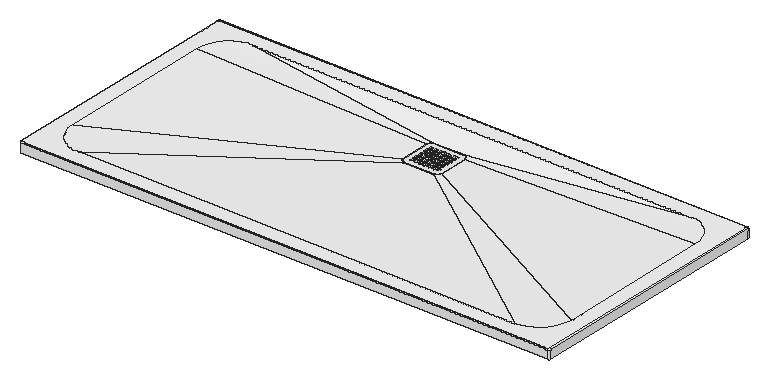
Revit family "IS_UltraFlatS_K8284_BIM_DE", category Plumbing Fixtures, host Face, Revit 2016
Family settings
  Host = Face
  Part Type = Normal
  Round Connector Dimension = Use Diameter
  OmniClass Number = 23.45.05.14.21.11
  OmniClass Title = Bath/Shower Units
  Cut with Voids When Loaded = No
  Shared = No
  Room Calculation Point = No
Parameters (values of type "K8284FR - ULTRAFLAT S PD 170X80 BIANCO")
  WarrantyStartDate = "n/a"
  WarrantyGuarantorParts = "n/a"
  WarrantyGuarantorLabor = "n/a"
  WarrantyDurationUnit = "n/a"
  WarrantyDurationParts = "n/a"
  WarrantyDurationLabor = "n/a"
  WarrantyDescription = "n/a"
  WFU = 0
  VolumeUnits = "Litres"
  Version = "1"
  Uniclass2015Version = "Products v1.1"
  Uniclass2015Title = "Shower trays"
  Uniclass2015Code = "Pr_40_20_06_84"
  URL = "www.idealstandard.de"
  Type Comments = "n/a"
  TagNumber = "n/a"
  SustainabilityPerformance = "n/a"
  Space = "Internal"
  Size = "1700 x 700 x 30 mm"
  Shape = "Rectangular"
  SerialNumber = "n/a"
  ReplacementCost = "n/a"
  ProductInformation = "www.idealstandard.de"
  PredefinedType = "n/a"
  Phone = "+49228 5210"
  NominalWidth = 1700 mm
  NominalLength = 800 mm
  NominalHeight = 30 mm
  NominalDepth = 0 mm
  Name = "ISI_IdealStandard_Showers_Ultra Flat S_K8284FR"
  ModelReference = "IS Rechteck-BRW ULTRA FLAT S,Abl.mittig, 1700x800x30mm, Carraraweiß"
  ModelNumber = "K8284FR"
  Model = "K8284FR"
  Material = "Sanitary Brass"
  ManufacturerURL = "www.idealstandard.de"
  Manufacturer = "idealstandard.de@idealstandard.com"
  MainMaterial = IS_RenderMaterial_White
  LinearUnits = "millimeters"
  Keynote = ""
  InstallationInstructions = "www.idealstandard.de\\produkte"
  InstallationDate = "1900-12-31T23:59:59"
  Help = "idealstandard.de@idealstandard.com"
  HWFU = 0
  GrossWeight = "49,3 kg"
  Grade = "n/a"
  Finish = "Pure White"
  Features = "ULTRA FLAT S rectangular shower tray 1700x800mm"
  ExpectedLife = "25"
  DurationUnit = "year"
  DistributedBy = "n/a"
  Description = "Ultraflat S Pd 170 x 80 Bianco"
  Default Elevation = 0 mm
  CurrencyUnit = "€"
  CreatedOn = "42774"
  Cost = 0
  Constituents = "n/a"
  ConnectionType = "Plumbing"
  Color = "Pure White"
  CodePerformance = "0"
  CWFU = 0
  Brand = "Ideal Standard"
  BarCode = "4015413067782"
  BIMObjectName = "ISI_IdealStandard_Showers_Ultra Flat S_K8284FR"
  Author = "Ideal Standard"
  AssetType = "Fixed"
  AssetIdentifier = "n/a"
  Assembly Code = "C1030200"
  AreaUnits = "millimeters"
  AreaMeasurement = "n/a"
  Accessories = "www.idealstandard.de\\ersatzteile"
  AccessibilityPerformance = "n/a"
Types (5, lengths in mm): name | Size | Name | ModelReference | ModelNumber | Model | MainMaterial | Finish | Description | Color | BarCode | BIMObjectName
  K8284FR - ULTRAFLAT S PD 170X80 BIANCO | "1700 x 700 x 30 mm" | "ISI_IdealStandard_Showers_Ultra Flat S_K8284FR" | "IS Rechteck-BRW ULTRA FLAT S,Abl.mittig, 1700x800x30mm, Carraraweiß" | "K8284FR" | "K8284FR" | IS_RenderMaterial_White | "Pure White" | "Ultraflat S Pd 170 x 80 Bianco" | "Pure White" | "4015413067782" | "ISI_IdealStandard_Showers_Ultra Flat S_K8284FR"
  K8284FV - ULTRAFLAT S PD 170X80 NERO | "1700 x 800 x 30 mm" | "ISI_IdealStandard_Showers_Ultra Flat S_K8284FV" | "IS Rechteck-BRW ULTRA FLAT S,Abl.mittig, 1700x800x30mm, Schiefer" | "K8284FV" | "K8284FV" | IS_RenderMaterial_Black | "Jet Black" | "Ultraflat S Pd 170 x 80 Nero" | "Jet Black" | "4015413071901" | "ISI_IdealStandard_Showers_Ultra Flat S_K8284FV"
  K8284FS - ULTRAFLAT S PD 170X80 GRIGIO CEMENTO | "1700 x 800 x 30 mm" | "ISI_IdealStandard_Showers_Ultra Flat S_K8284FS" | "IS Rechteck-BRW ULTRA FLAT S,Abl.mittig, 1700x800x30mm, Quarzgrau" | "K8284FS" | "K8284FS" | IS_RenderMaterial_Grey | "Concrete Grey" | "Ultraflat S Pd 170 x 80 Grigio Cemento" | "Concrete Grey" | "4015413070744" | "ISI_IdealStandard_Showers_Ultra Flat S_K8284FS"
  K8284FT - ULTRAFLAT S PD 170X80 SABBIA | "1700 x 800 x 30 mm" | "ISI_IdealStandard_Showers_Ultra Flat S_K8284FT" | "IS Rechteck-BRW ULTRA FLAT S,Abl.mittig, 1700x800x30mm, Sandstein" | "K8284FT" | "K8284FT" | IS_RenderMaterial_Sand | "Beach Sand" | "Ultraflat S Pd 170 x 80 Sabbia" | "Beach Sand" | "4015413071192" | "ISI_IdealStandard_Showers_Ultra Flat S_K8284FT"
  K8284FU - ULTRAFLAT S PD 170X80 MOKA | "1700 x 800 x 30 mm" | "ISI_IdealStandard_Showers_Ultra Flat S_K8284FU" | "IS Rechteck-BRW ULTRA FLAT S,Abl.mittig, 1700x800x30mm, Lavabraun" | "K8284FU" | "K8284FU" | IS_RenderMaterial_Moka | "Deep Moka" | "Ultraflat S Pd 170 x 80 Moka" | "Deep Moka" | "4015413071543" | "ISI_IdealStandard_Showers_Ultra Flat S_K8284FU"
Reference planes
  plane 1 "Center (Front/Back)": y = 0
  plane 2: z = 0
  plane 3 "Center (Left/Right)": x = 0
  plane 4: x = -850
  plane 5: x = 850
  plane 6: y = -800
  plane 7: y = -750
  plane 8: z = 30
Forms (mm)
  Extrusion 1, solid, material "IS_RenderMaterial_White" <- "MainMaterial"
    sketch origin (0, 0, 0) x (1, 0, 0) y (0, 1, 0)
      loop
        arc (-845, 0) -> (-848.536, -1.464) -> (-850, -5) r 5
        line (-850, -5) -> (-850, -795)
        arc (-850, -795) -> (-848.536, -798.536) -> (-845, -800) r 5
        line (-845, -800) -> (845, -800)
        arc (845, -800) -> (848.536, -798.536) -> (850, -795) r 5
        line (850, -795) -> (850, -5)
        arc (850, -5) -> (848.536, -1.464) -> (845, 0) r 5
        line (845, 0) -> (-845, 0)
    from 0 to 30
  Blend 2, void
    base sketch origin (0, 39.744, 30) x (-1, 0, 0) y (0, -1, 0)
      loop
        arc (700, 89.744) -> (770.711, 119.033) -> (800, 189.744) r 100
        line (800, 189.744) -> (800, 689.744)
        arc (800, 689.744) -> (770.711, 760.454) -> (700, 789.744) r 100
        line (700, 789.744) -> (-700, 789.744)
        arc (-700, 789.744) -> (-770.711, 760.454) -> (-800, 689.744) r 100
        line (-800, 689.744) -> (-800, 189.744)
        arc (-800, 189.744) -> (-770.711, 119.033) -> (-700, 89.744) r 100
        line (-700, 89.744) -> (700, 89.744)
    top sketch origin (0, 39.744, 30) x (-1, 0, 0) y (0, -1, 0)
      loop
        arc (47.5, 177.244) -> (58.107, 181.637) -> (62.5, 192.244) r 15
        line (62.5, 192.244) -> (62.5, 287.244)
        arc (62.5, 287.244) -> (58.107, 297.85) -> (47.5, 302.244) r 15
        line (47.5, 302.244) -> (-47.5, 302.244)
        arc (-47.5, 302.244) -> (-58.107, 297.85) -> (-62.5, 287.244) r 15
        line (-62.5, 287.244) -> (-62.5, 192.244)
        arc (-62.5, 192.244) -> (-58.107, 181.637) -> (-47.5, 177.244) r 15
        line (-47.5, 177.244) -> (47.5, 177.244)
    from 0 to -15
  Revolve 3, void
    sketch origin (-65.411, -200, 1219.2) x (-1, 0, 0) y (0, 0, 1)
      loop
        line (-65.411, -1219.2) -> (-20.411, -1219.2) -> (-20.411, -1214.2) -> (-13.411, -1207.2) -> (-65.411, -1207.2) -> (-65.411, -1219.2)
      axis (-65.411, -1219.2) -> (-65.411, -1207.2)
    angle from 0 to 360
  Extrusion 4, void
    sketch origin (0, -134.515, 12) x (-1, 0, 0) y (0, 1, 0)
      loop
        arc (-47.5, -2.985) -> (-58.107, -7.379) -> (-62.5, -17.985) r 15
        line (-62.5, -17.985) -> (-62.5, -112.985)
        arc (-62.5, -112.985) -> (-58.107, -123.592) -> (-47.5, -127.985) r 15
        line (-47.5, -127.985) -> (47.5, -127.985)
        arc (47.5, -127.985) -> (58.107, -123.592) -> (62.5, -112.985) r 15
        line (62.5, -112.985) -> (62.5, -17.985)
        arc (62.5, -17.985) -> (58.107, -7.379) -> (47.5, -2.985) r 15
        line (47.5, -2.985) -> (-47.5, -2.985)
    from 0 to -3
  Extrusion 5, solid, material "Chrome - Polished"
    sketch origin (0, -134.515, 12) x (0, 1, 0) y (-1, 0, 0)
      loop
        arc (-4.985, 46.539) -> (-9.074, 56.411) -> (-18.946, 60.5) r 13.961
        line (-18.946, 60.5) -> (-111.985, 60.5)
        arc (-111.985, 60.5) -> (-121.885, 56.399) -> (-125.985, 46.5) r 14
        line (-125.985, 46.5) -> (-125.985, -46.5)
        arc (-125.985, -46.5) -> (-121.885, -56.399) -> (-111.985, -60.5) r 14
        line (-111.985, -60.5) -> (-18.985, -60.5)
        arc (-18.985, -60.5) -> (-9.086, -56.399) -> (-4.985, -46.5) r 14
        line (-4.985, -46.5) -> (-4.985, 46.539)
      loop
        line (-64.007, 45) -> (-64.007, 32) -> (-52.007, 32) -> (-52.007, 45) -> (-64.007, 45)
      loop
        line (-49.007, 45) -> (-49.007, 32) -> (-37.007, 32) -> (-37.007, 45) -> (-49.007, 45)
      loop
        line (-34.007, 45) -> (-34.007, 32) -> (-22.007, 32) -> (-22.007, 45) -> (-34.007, 45)
      loop
        line (-34.007, 29) -> (-34.007, 16) -> (-22.007, 16) -> (-22.007, 29) -> (-34.007, 29)
      loop
        line (-34.007, 13) -> (-34.007, 1.526) -> (-22.007, 1.526) -> (-22.007, 13) -> (-34.007, 13)
      loop
        line (-37.007, 29) -> (-49.007, 29) -> (-49.007, 16) -> (-37.007, 16) -> (-37.007, 29)
      loop
        line (-37.007, 13) -> (-49.007, 13) -> (-49.007, 1.526) -> (-37.007, 1.526) -> (-37.007, 13)
      loop
        line (-52.007, 29) -> (-64.007, 29) -> (-64.007, 16) -> (-52.007, 16) -> (-52.007, 29)
      loop
        line (-52.007, 13) -> (-64.007, 13) -> (-64.007, 1.526) -> (-52.007, 1.526) -> (-52.007, 13)
      loop
        line (-64.007, -45) -> (-52.007, -45) -> (-52.007, -32) -> (-64.007, -32) -> (-64.007, -45)
      loop
        line (-49.007, -45) -> (-37.007, -45) -> (-37.007, -32) -> (-49.007, -32) -> (-49.007, -45)
      loop
        line (-34.007, -45) -> (-22.007, -45) -> (-22.007, -32) -> (-34.007, -32) -> (-34.007, -45)
      loop
        line (-34.007, -29) -> (-22.007, -29) -> (-22.007, -16) -> (-34.007, -16) -> (-34.007, -29)
      loop
        line (-34.007, -13) -> (-22.007, -13) -> (-22.007, -1.526) -> (-34.007, -1.526) -> (-34.007, -13)
      loop
        line (-37.007, -29) -> (-37.007, -16) -> (-49.007, -16) -> (-49.007, -29) -> (-37.007, -29)
      loop
        line (-37.007, -13) -> (-37.007, -1.526) -> (-49.007, -1.526) -> (-49.007, -13) -> (-37.007, -13)
      loop
        line (-52.007, -29) -> (-52.007, -16) -> (-64.007, -16) -> (-64.007, -29) -> (-52.007, -29)
      loop
        line (-52.007, -13) -> (-52.007, -1.526) -> (-64.007, -1.526) -> (-64.007, -13) -> (-52.007, -13)
      loop
        line (-66.963, 45) -> (-78.963, 45) -> (-78.963, 32) -> (-66.963, 32) -> (-66.963, 45)
      loop
        line (-81.963, 45) -> (-93.963, 45) -> (-93.963, 32) -> (-81.963, 32) -> (-81.963, 45)
      loop
        line (-96.963, 45) -> (-108.963, 45) -> (-108.963, 32) -> (-96.963, 32) -> (-96.963, 45)
      loop
        line (-96.963, 29) -> (-108.963, 29) -> (-108.963, 16) -> (-96.963, 16) -> (-96.963, 29)
      loop
        line (-96.963, 13) -> (-108.963, 13) -> (-108.963, 1.526) -> (-96.963, 1.526) -> (-96.963, 13)
      loop
        line (-93.963, 29) -> (-93.963, 16) -> (-81.963, 16) -> (-81.963, 29) -> (-93.963, 29)
      loop
        line (-93.963, 13) -> (-93.963, 1.526) -> (-81.963, 1.526) -> (-81.963, 13) -> (-93.963, 13)
      loop
        line (-78.963, 29) -> (-78.963, 16) -> (-66.963, 16) -> (-66.963, 29) -> (-78.963, 29)
      loop
        line (-78.963, 13) -> (-78.963, 1.526) -> (-66.963, 1.526) -> (-66.963, 13) -> (-78.963, 13)
      loop
        line (-66.963, -45) -> (-66.963, -32) -> (-78.963, -32) -> (-78.963, -45) -> (-66.963, -45)
      loop
        line (-81.963, -45) -> (-81.963, -32) -> (-93.963, -32) -> (-93.963, -45) -> (-81.963, -45)
      loop
        line (-96.963, -45) -> (-96.963, -32) -> (-108.963, -32) -> (-108.963, -45) -> (-96.963, -45)
      loop
        line (-96.963, -29) -> (-96.963, -16) -> (-108.963, -16) -> (-108.963, -29) -> (-96.963, -29)
      loop
        line (-96.963, -13) -> (-96.963, -1.526) -> (-108.963, -1.526) -> (-108.963, -13) -> (-96.963, -13)
      loop
        line (-93.963, -29) -> (-81.963, -29) -> (-81.963, -16) -> (-93.963, -16) -> (-93.963, -29)
      loop
        line (-93.963, -13) -> (-81.963, -13) -> (-81.963, -1.526) -> (-93.963, -1.526) -> (-93.963, -13)
      loop
        line (-78.963, -29) -> (-66.963, -29) -> (-66.963, -16) -> (-78.963, -16) -> (-78.963, -29)
      loop
        line (-78.963, -13) -> (-66.963, -13) -> (-66.963, -1.526) -> (-78.963, -1.526) -> (-78.963, -13)
    from 0 to 3
  Sweep 6, void
    path in 3D
      loop
        arc (845, -800, 30) -> (848.536, -798.536, 30) -> (850, -795, 30) r 5
        line (850, -795, 30) -> (850, -5, 30)
        arc (850, -5, 30) -> (848.536, -1.464, 30) -> (845, 0, 30) r 5
        line (845, 0, 30) -> (-845, 0, 30)
        arc (-845, 0, 30) -> (-848.536, -1.464, 30) -> (-850, -5, 30) r 5
        line (-850, -5, 30) -> (-850, -795, 30)
        arc (-850, -795, 30) -> (-848.536, -798.536, 30) -> (-845, -800, 30) r 5
        line (-845, -800, 30) -> (845, -800, 30)
    profile origin (0, -800, 30) x (0, 1, 0) y (0, 0, 1)
      loop
        line (0, 0) -> (0, -3)
        arc (0, -3) -> (0.879, -0.879) -> (3, 0) r 3
        line (3, 0) -> (0, 0)
Cuts and joins
  Blend 2, Revolve 3, Extrusion 4, Sweep 6 cuts Extrusion 1
  Blend 2 cuts Extrusion 5
Lines and regions (mm)
  sketch lines
    curve 1: line (-845, -800, 30) -> (845, -800, 30)
    curve 2: arc (850, -795, 30) -> (848.536, -798.536, 30) -> (845, -800, 30) r 5
    curve 3: line (850, -795, 30) -> (850, -5, 30)
    curve 4: arc (845, 0, 30) -> (848.536, -1.464, 30) -> (850, -5, 30) r 5
    curve 5: line (845, 0, 30) -> (-845, 0, 30)
    curve 6: arc (-850, -5, 30) -> (-848.536, -1.464, 30) -> (-845, 0, 30) r 5
    curve 7: line (-850, -5, 30) -> (-850, -795, 30)
    curve 8: arc (-845, -800, 30) -> (-848.536, -798.536, 30) -> (-850, -795, 30) r 5
Dimensions and locks
  "NominalWidth": plane 4 to plane 5
  "NominalLength": plane 6 to plane 1 "Center (Front/Back)"
  "NominalHeight": level to plane 8
  aligned and locked: plane 2 to host face
  aligned and locked: level to host face
  aligned and locked: plane 6 to Extrusion 1
Automatic sketch dimensions
  host sketch curve to host sketch curve = 2438.4 mm
  host sketch curve to host sketch curve = 1698.7 mm
  Extrusion 1 sketch curve to plane 4 = 0 mm
  plane 6 to Extrusion 1 sketch curve = 0 mm
  plane 1 "Center (Front/Back)" to Extrusion 1 sketch curve = 0 mm
  Extrusion 1 sketch curve to plane 5 = 0 mm
  Extrusion 1 sketch curve to plane 4 = 5 mm
  plane 1 "Center (Front/Back)" to Extrusion 1 sketch curve = 5 mm
  Extrusion 1 sketch curve to plane 5 = 5 mm  (x2)
  plane 7 to Blend 2 sketch curve = 0 mm
  Blend 2 sketch curve to plane 5 = 50 mm
  Blend 2 sketch curve to Blend 2 sketch curve = 100 mm  (x2)
  plane 1 "Center (Front/Back)" to Blend 2 sketch curve = 50 mm
  Blend 2 sketch curve to plane 4 = 150 mm  (x2)
  Blend 2 sketch curve to plane 4 = 50 mm
  plane 3 "Center (Left/Right)" to Blend 2 sketch curve = 62.5 mm
  Blend 2 sketch curve to Blend 2 sketch curve = 15 mm  (x3)
  Blend 2 sketch curve to plane 3 "Center (Left/Right)" = 47.5 mm  (x2)
  plane 1 "Center (Front/Back)" to Blend 2 sketch curve = 137.5 mm
  Blend 2 sketch curve to Blend 2 sketch curve = 95 mm
  Revolve 3 sketch curve to level = 0 mm
  Revolve 3 sketch curve to plane 3 "Center (Left/Right)" = 0 mm  (x2)
  level to Revolve 3 sketch curve = 5 mm
  Revolve 3 sketch curve to plane 3 "Center (Left/Right)" = 45 mm
  Revolve 3 sketch curve to Revolve 3 sketch curve = 7 mm
  Revolve 3 sketch curve to Revolve 3 sketch curve = 12 mm
  Revolve 3 sketch curve to level = 10 mm
  plane 8 to Revolve 3 sketch curve = 7.813 mm
  plane 3 "Center (Left/Right)" to Extrusion 4 sketch curve = 62.5 mm
  Extrusion 4 sketch curve to Extrusion 4 sketch curve = 15 mm  (x3)
  Extrusion 4 sketch curve to plane 3 "Center (Left/Right)" = 47.5 mm  (x2)
  plane 1 "Center (Front/Back)" to Extrusion 4 sketch curve = 137.5 mm
  Extrusion 4 sketch curve to Extrusion 4 sketch curve = 95 mm
  plane 3 "Center (Left/Right)" to Extrusion 5 sketch curve = 46.5 mm
  plane 1 "Center (Front/Back)" to Extrusion 5 sketch curve = 260.5 mm
  Extrusion 5 sketch curve to Extrusion 5 sketch curve = 14 mm  (x3)
  Extrusion 5 sketch curve to Extrusion 5 sketch curve = 3.022 mm  (x3)
  Extrusion 5 sketch curve to Extrusion 5 sketch curve = 0 mm  (x57)
  plane 3 "Center (Left/Right)" to Extrusion 5 sketch curve = 1.526 mm  (x6)
  Extrusion 5 sketch curve to Extrusion 5 sketch curve = 12 mm  (x18)
  Extrusion 5 sketch curve to Extrusion 5 sketch curve = 3 mm  (x36)
  Extrusion 5 sketch curve to Extrusion 5 sketch curve = 2.956 mm  (x6)
  Extrusion 5 sketch curve to Extrusion 5 sketch curve = 3.061 mm
  Extrusion 5 sketch curve to Extrusion 5 sketch curve = 1.5 mm  (x3)
  Extrusion 5 sketch curve to Extrusion 5 sketch curve = 13 mm  (x9)
  Extrusion 5 sketch curve to plane 3 "Center (Left/Right)" = 1.526 mm  (x6)
  Extrusion 5 sketch curve to Extrusion 5 sketch curve = 11.474 mm  (x2)
  Sweep 6 sketch curve to profile plane = 0 mm  (x2)
  Sweep 6 sketch curve to profile plane = 3 mm
Connectors
  piping at (0, -200, 0), diameter 90
    settings: on cut or joined group of Extrusion 1, Blend 2, Revolve 3, Extrusion 4, Sweep 6, index 1, connector inside diameter 609.6 mm, connector length 0 mm, flow factor 0, pipe flow 0.0 L/s, pressure drop 0.0 Pa, fitting loss kfactor 0, connector angle 0.00°, fixture units 0, engagement length 0 mm, angle of deflection 0.00°, flow configuration 2, flow direction 2, fitting loss method 0, system type 16, joint type 0, gender type 0, connector reference index -1, connector utility 0, adjustable connector no, is connector primary yes, connector description ""
